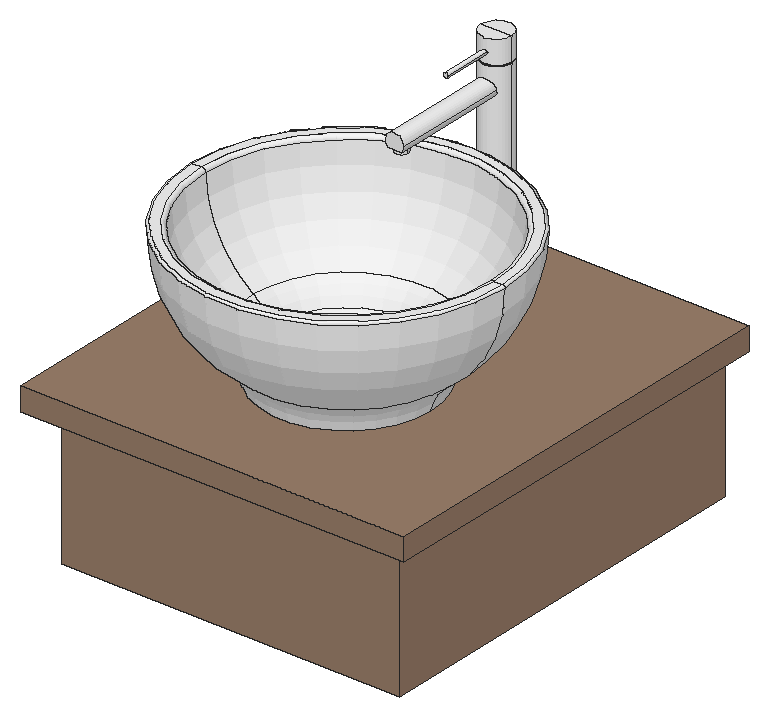
Revit family
Parameters
  가시성 - 선반 주추 = yes
  탭 높이 = 300 mm
  선반 두께 = 30 mm
  선반 길이 = 500 mm
  선반 깊이 = 560 mm
  재료 탭 및 장치 = 금속 - 크롬 광택
  재료 싱크대 = 자기
  재료 선반 = 목재 - 호두나무, 내츄럴
  Manufacturer = ""
  Keynote = "N13/180"
  Assembly Code = ""
Reference planes
  plane 1 "중심(앞/뒤)": y = 0
  plane 2: z = 0
  plane 3 "중심(왼쪽/오른쪽)": x = 24.85
  plane 4: x = -225.15
  plane 5: x = 274.85
  plane 6: y = -560
  plane 7: y = -340
Forms (mm)
  Extrusion 1, solid, material "목재 - 호두나무, 내츄럴" <- "재료 선반"
    sketch origin (0, 0, 0) x (1, 0, 0) y (0, 1, 0)
      loop
        line (-225.15, 0) -> (-225.15, -560) -> (274.85, -560) -> (274.85, 0) -> (-225.15, 0)
    from 0 to -30
  Revolve 2, solid, material "자기" <- "재료 싱크대"
    sketch origin (-373.715, -340, 4000) x (-1, 0, 0) y (0, 0, 1)
      loop
        line (-381.565, -3999.985) -> (-290.071, -3999.985)
        arc (-290.071, -3999.985) -> (-280.471, -3978.189) -> (-263.923, -3961.06) r 67.768
        arc (-263.923, -3961.06) -> (-212.086, -3900.534) -> (-193.526, -3823.036) r 170.005
        arc (-193.526, -3823.036) -> (-194.406, -3820.918) -> (-196.526, -3820.041) r 3
        line (-196.526, -3820.041) -> (-208.574, -3820.041)
        arc (-208.574, -3820.041) -> (-212.09, -3821.486) -> (-213.574, -3824.987) r 5
        arc (-213.574, -3824.987) -> (-230.354, -3892.325) -> (-275.654, -3944.9) r 149.971
        arc (-275.654, -3944.9) -> (-289.49, -3957.34) -> (-300.392, -3972.418) r 87.751
        arc (-300.392, -3972.418) -> (-309.549, -3981.627) -> (-322.09, -3985) r 25
        line (-322.09, -3985) -> (-376.565, -3985) -> (-376.565, -3986.535) -> (-381.565, -3986.535) -> (-381.565, -3999.985)
      axis (-398.565, -3999.985) -> (-398.565, -3820.041)
    angle from 0 to 360
  Revolve 3, solid, material "금속 - 크롬 광택" <- "재료 탭 및 장치"
    sketch origin (-373.715, -340, 4000) x (-1, 0, 0) y (0, 0, 1)
      loop
        line (-384.827, -3985) -> (-384.827, -3996.275) -> (-398.565, -3996.275) -> (-398.565, -4000) -> (-381.565, -4000) -> (-381.565, -3986.535) -> (-376.565, -3986.535) -> (-376.565, -3985) -> (-384.827, -3985)
      axis (-398.565, -4000) -> (-398.565, -3985)
    angle from 0 to 360
  Extrusion 4, solid, material "목재 - 호두나무, 내츄럴" <- "재료 선반", visible <- "가시성 - 선반 주추"
    sketch origin (0, 0, 0) x (1, 0, 0) y (0, 1, 0)
      loop
        line (-195.15, 0) -> (-195.15, -530) -> (244.85, -530) -> (244.85, 0) -> (-195.15, 0)
    from -30 to -210.149
Lines and regions (mm)
  Masking region 1
    outline origin (0, 0, 0) x (1, 0, 0) y (0, 1, 0)
      loop
        line (-225.15, 0) -> (-225.15, -560) -> (274.85, -560) -> (274.85, 0) -> (-225.15, 0)
  symbolic lines
    curve 1: arc (12.286, -135.385, 0) -> (25.287, -545, 0) -> (36.542, -135.334, 0) r 205
    curve 2: circle (24.85, -340, 0) r 13.738 normal (0, 0, 1)
    curve 3: arc (12.479, -155.414, 0) -> (24.931, -525, 0) -> (37.059, -155.403, 0) r 185
    curve 4: line (12.813, -263.012, 0) -> (36.85, -263.012, 0)
    curve 5: line (36.85, -263.012, 0) -> (36.85, -119.235, 0)
    curve 6: line (12.813, -119.235, 0) -> (12.813, -263.012, 0)
    curve 7: line (21.85, -179.346, 0) -> (27.85, -179.346, 0)
    curve 8: line (27.85, -179.346, 0) -> (27.85, -117.077, 0)
    curve 9: line (21.85, -179.346, 0) -> (21.85, -117.077, 0)
    curve 10: circle (24.85, -97.303, 0) r 20 normal (0, 0, 1)
    curve 11: arc (36.85, -119.235, 0) -> (24.832, -73.527, 0) -> (12.813, -119.235, 0) r 24.434
    curve 12: line (-225.15, 0, 0) -> (274.85, 0, 0)
    curve 13: line (274.85, 0, 0) -> (274.85, -560, 0)
    curve 14: line (274.85, -560, 0) -> (-225.15, -560, 0)
    curve 15: line (-225.15, -560, 0) -> (-225.15, 0, 0)
Dimensions and locks
  equal spacing: plane 4, plane 3 "중심(왼쪽/오른쪽)", plane 5
  "선반 길이": plane 4 to plane 5
  "선반 깊이": plane 6 to plane 1 "중심(앞/뒤)"
  "선반 두께": level to Extrusion 1
  plane 4 to Extrusion 4 sketch curve = 30 mm
  Extrusion 4 sketch curve to plane 5 = 30 mm
  plane 6 to Extrusion 4 sketch curve = 30 mm
  aligned and locked: plane 3 "중심(왼쪽/오른쪽)" to nested 1
  aligned and locked: plane 1 "중심(앞/뒤)" to Extrusion 4 sketch curve
  aligned and locked: Masking region 1 sketch curve to Extrusion 1  (x3)
  aligned and locked: Extrusion 1 to Masking region 1 sketch curve
Automatic sketch dimensions
  Extrusion 1 sketch curve to plane 4 = 0 mm
  Extrusion 1 sketch curve to plane 5 = 0 mm
  Extrusion 1 sketch curve to plane 6 = 0 mm
  Extrusion 1 sketch curve to plane 1 "중심(앞/뒤)" = 0 mm
  Revolve 3 sketch curve to level = 0 mm
  Revolve 3 sketch curve to plane 3 "중심(왼쪽/오른쪽)" = 0 mm  (x2)
  level to Revolve 3 sketch curve = 3.725 mm
  Revolve 3 sketch curve to Revolve 3 sketch curve = 13.738 mm
  Revolve 3 sketch curve to Revolve 3 sketch curve = 3.262 mm
  Revolve 3 sketch curve to Revolve 3 sketch curve = 5 mm
  Revolve 3 sketch curve to level = 6.992 mm
  Revolve 3 sketch curve to Revolve 3 sketch curve = 9.74 mm
  Revolve 3 sketch curve to Revolve 3 sketch curve = 1.535 mm
  Revolve 3 sketch curve to Revolve 3 sketch curve = 12.012 mm
  Revolve 2 sketch curve to plane 3 "중심(왼쪽/오른쪽)" = 0 mm
  level to Revolve 2 sketch curve = 0.015 mm
  Revolve 2 sketch curve to plane 3 "중심(왼쪽/오른쪽)" = 17 mm
  Revolve 2 sketch curve to Revolve 2 sketch curve = 5 mm  (x2)
  Revolve 2 sketch curve to plane 3 "중심(왼쪽/오른쪽)" = 35.03 mm
  Revolve 2 sketch curve to Revolve 2 sketch curve = 0.006 mm
  Revolve 2 sketch curve to Revolve 2 sketch curve = 54.475 mm
  Revolve 2 sketch curve to Revolve 2 sketch curve = 21.698 mm
  Revolve 2 sketch curve to Revolve 2 sketch curve = 0 mm  (x5)
  Revolve 2 sketch curve to Revolve 2 sketch curve = 10.321 mm
  Revolve 2 sketch curve to Revolve 2 sketch curve = 24.738 mm
  Revolve 2 sketch curve to Revolve 2 sketch curve = 11.731 mm
  Revolve 2 sketch curve to level = 16.005 mm
  Revolve 2 sketch curve to Revolve 2 sketch curve = 65.838 mm
  Revolve 2 sketch curve to Revolve 2 sketch curve = 0.016 mm
  Revolve 2 sketch curve to Revolve 2 sketch curve = 62.08 mm
  Revolve 2 sketch curve to Revolve 2 sketch curve = 12.048 mm
  Revolve 2 sketch curve to Revolve 2 sketch curve = 3 mm
  Revolve 2 sketch curve to level = 50 mm
  Revolve 2 sketch curve to Revolve 2 sketch curve = 0.028 mm
  Revolve 2 sketch curve to Revolve 2 sketch curve = 1.535 mm
  Revolve 2 sketch curve to Revolve 2 sketch curve = 41.535 mm
  curve 1 to curve 2 = 0 mm  (x2)
  curve 1 to curve 3 = 0 mm  (x2)
  curve 15 to plane 1 "중심(앞/뒤)" = 0 mm
  curve 12 to plane 4 = 0 mm
  curve 1 to plane 3 "중심(왼쪽/오른쪽)" = 0 mm
  curve 10 to plane 3 "중심(왼쪽/오른쪽)" = 0 mm
  curve 14 to plane 5 = 0 mm
  curve 15 to plane 6 = 0 mm
  curve 3 to plane 7 = 0 mm
  curve 1 to plane 3 "중심(왼쪽/오른쪽)" = 12.564 mm
  curve 3 to plane 3 "중심(왼쪽/오른쪽)" = 12.371 mm
  curve 4 to plane 3 "중심(왼쪽/오른쪽)" = 12.037 mm
  curve 9 to plane 3 "중심(왼쪽/오른쪽)" = 3 mm
  curve 11 to plane 3 "중심(왼쪽/오른쪽)" = 0.018 mm
  plane 3 "중심(왼쪽/오른쪽)" to curve 8 = 3 mm
  plane 3 "중심(왼쪽/오른쪽)" to curve 1 = 11.692 mm
  plane 3 "중심(왼쪽/오른쪽)" to curve 5 = 12 mm
  plane 3 "중심(왼쪽/오른쪽)" to curve 3 = 12.209 mm
  plane 7 to curve 4 = 76.988 mm
  curve 4 to curve 8 = 83.665 mm
  curve 7 to curve 3 = 23.932 mm
  curve 3 to curve 1 = 20.029 mm
  curve 1 to curve 5 = 16.099 mm
  curve 11 to curve 8 = 2.158 mm
  curve 9 to curve 11 = 19.116 mm
  curve 11 to curve 10 = 0.658 mm
  radius of curve 2 = 13.738 mm
Nested families
  nested 1: "UK_Mdrn 탭 스타일 C" at (24.85, -97.303, 0), type "UK_Mdrn 탭 스타일 C"
Definition of nested family "UK_Mdrn 탭 스타일 C"
  Parameters
    탭 높이 = 300 mm
    재료 탭 = none
    Manufacturer = "Revit"
  Reference planes
    plane 1 "중심(앞/뒤)": y = 0
    plane 2: z = 0
    plane 3 "중심(왼쪽/오른쪽)": x = 0
  Forms (mm)
    Revolve 1, solid, material <- "재료 탭"
      sketch origin (0, 0, 0) x (1, 0, 0) y (0, 0, 1)
        loop
          line (0, 0) -> (0, 300) -> (-20, 300) -> (-20, 270) -> (-18, 270) -> (-18, 268) -> (-20, 268) -> (-20, 4) -> (-25, 4) -> (-25, 0) -> (0, 0)
        axis (0, 0) -> (0, 300)
      angle from 0 to 360
    Extrusion 2, solid, material <- "재료 탭"
      sketch origin (0, 0, 0) x (1, 0, 0) y (0, 0, 1)
        loop
          circle (0, 283.268) r 3
      from 0 to 82.043
    Extrusion 3, solid, material <- "재료 탭"
      sketch origin (0, 0, 0) x (1, 0, 0) y (0, 0, 1)
        loop
          circle (0, 240.642) r 12
      from 0 to 165.708
    Extrusion 4, void
      sketch origin (0, 0, -1.47) x (0, -1, 0) y (0, 0, 1)
        loop
          line (165.708, 229.642) -> (165.708, 234.642) -> (140.708, 234.642) -> (140.708, 229.642) -> (165.708, 229.642)
      from -15.058 to 15.415
    Extrusion 5, solid, material <- "재료 탭"
      sketch origin (0, 0, 0) x (1, 0, 0) y (0, 1, 0)
        loop
          circle (0, -154.43) r 8
      from 227.072 to 233.172
  Cuts and joins
    Extrusion 4 cuts Revolve 1
    joined: Revolve 1, Extrusion 5
    Extrusion 4 cuts Extrusion 2
    Extrusion 4 cuts Extrusion 3
  Dimensions and locks
    "탭 높이": Revolve 1 sketch curve to level
    locked: Extrusion 4 sketch curve to Extrusion 4 sketch curve at 5
    locked: cut or joined group of Revolve 1, Extrusion 4, Extrusion 5 to Extrusion 5 at 6.1
    locked: cut or joined group of Revolve 1, Extrusion 4, Extrusion 5 to Extrusion 2 sketch curve at 16.732
    locked: cut or joined group of Revolve 1, Extrusion 4, Extrusion 5 to Extrusion 3 sketch curve at 59.358
    locked: cut or joined group of Revolve 1, Extrusion 4, Extrusion 5 to cut or joined group of Extrusion 3, Extrusion 4 at 66.828
    aligned and locked: Extrusion 2 to plane 1 "중심(앞/뒤)"
    aligned and locked: Extrusion 3 to plane 1 "중심(앞/뒤)"
    aligned and locked: cut or joined group of Revolve 1, Extrusion 4, Extrusion 5 to Extrusion 5
  Automatic sketch dimensions
    Revolve 1 sketch curve to level = 0 mm
    Revolve 1 sketch curve to plane 3 "중심(왼쪽/오른쪽)" = 0 mm  (x2)
    Revolve 1 sketch curve to plane 3 "중심(왼쪽/오른쪽)" = 18 mm
    Revolve 1 sketch curve to Revolve 1 sketch curve = 2 mm  (x2)
    Revolve 1 sketch curve to Revolve 1 sketch curve = 0 mm
    Revolve 1 sketch curve to Revolve 1 sketch curve = 5 mm
    Revolve 1 sketch curve to level = 25 mm
    level to Revolve 1 sketch curve = 4 mm
    Revolve 1 sketch curve to Revolve 1 sketch curve = 32 mm
    Revolve 1 sketch curve to Revolve 1 sketch curve = 24 mm
    Extrusion 2 sketch curve to plane 3 "중심(왼쪽/오른쪽)" = 0 mm
    Extrusion 3 sketch curve to plane 3 "중심(왼쪽/오른쪽)" = 0 mm
    Extrusion 4 sketch curve to Extrusion 4 sketch curve = 25 mm
    Extrusion 5 sketch curve to plane 3 "중심(왼쪽/오른쪽)" = 0 mm
    level to Extrusion 4 sketch curve = 228.172 mm
    plane 1 "중심(앞/뒤)" to Extrusion 4 sketch curve = 140.708 mm
    plane 1 "중심(앞/뒤)" to Extrusion 5 sketch curve = 154.43 mm
    radius of Extrusion 2 sketch curve = 3 mm
    radius of Extrusion 3 sketch curve = 12 mm
    radius of Extrusion 5 sketch curve = 8 mm
